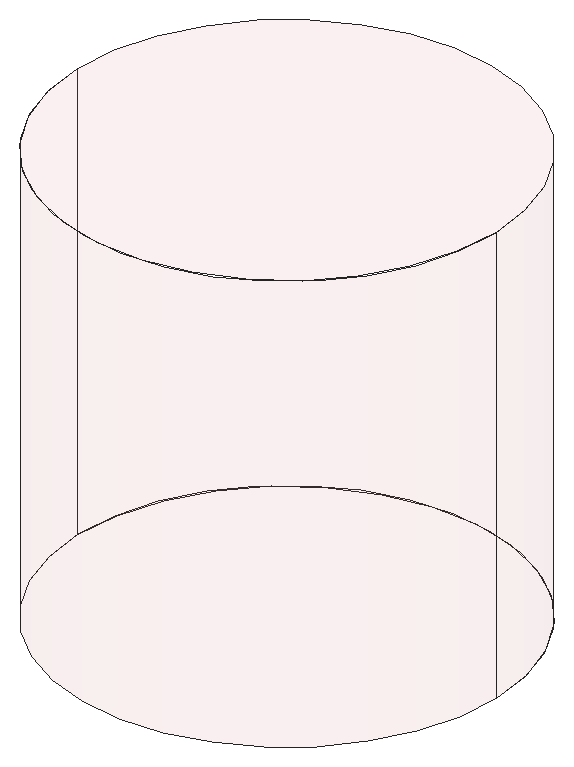
Revit family "М1_ОтверстиеКруглое_Перекрытие", category Обобщенные модели, Revit 2021
Family settings
  Может служить основой для арматурных стержней = Нет
  Размер круглого соединителя = Использовать диаметр
  Тип детали = Нормальный
  На основе рабочей плоскости = Нет
  Всегда вертикально = Да
  При загрузке вырезать с полостями = Да
  Общий = Нет
  Точка принадлежности помещению = Нет
Parameters (values of type "Отверстие_ОВ")
  Отметка по умолчанию = 0 mm
  М1_Отверстие_Выступ [instance] = 50 mm
  void_end [instance] = М1_Отверстие_Выступ  # 50 mm
  void_start [instance] = -ADSK_Размер_Глубина - М1_Отверстие_Выступ  # -450 mm
  ADSK_Размер_Радиус [instance] = ADSK_Размер_Диаметр / 2  # 250 mm
  ADSK_Размер_Диаметр [instance] = 500 mm
  ADSK_Размер_Глубина [instance] = 400 mm
  ADSK_Материал = ADSK_Отверстие_ОВ
Reference planes
  plane 1 "По центру (Вперед/Назад)": y = 0
  plane 2: z = 0
  plane 3 "По центру (Влево/Вправо)": x = 0
  plane 4: z = -400
  plane 5 "По центру Л/Р": x = -250
  plane 6 "По центру Л/С": x = 250
  plane 7 "По центру Л/Т": y = -250
  plane 8 "По центру Л/У": y = 250
  plane 9: z = -450
  plane 10: z = 50
Forms (mm)
  Extrusion 1, solid, material "ADSK_Отверстие_ОВ" <- "ADSK_Материал"
    sketch origin (0, 0, 0) x (1, 0, 0) y (0, 1, 0)
      loop
        circle (0, 0) r 250
    from -450 <- "void_start" to 50 <- "void_end"
  Extrusion 2, void
    sketch origin (0, 0, 0) x (1, 0, 0) y (0, 1, 0)
      loop
        circle (0, 0) r 250
    from -450 <- "void_start" to 50 <- "void_end"
Dimensions and locks
  equal spacing: plane 6 "По центру Л/С", plane 3 "По центру (Влево/Вправо)", plane 5 "По центру Л/Р"
  "ADSK_Размер_Диаметр": plane 6 "По центру Л/С" to plane 5 "По центру Л/Р"
  equal spacing: plane 7 "По центру Л/Т", plane 1 "По центру (Вперед/Назад)", plane 8 "По центру Л/У"
  "ADSK_Размер_Диаметр": plane 7 "По центру Л/Т" to plane 8 "По центру Л/У"
  "М1_Отверстие_Выступ": plane 4 to plane 9
  "М1_Отверстие_Выступ": plane 10 to level
  "ADSK_Размер_Глубина": level to plane 4
  "ADSK_Размер_Диаметр": diameter of Extrusion 1 sketch curve
  "ADSK_Размер_Диаметр": diameter of Extrusion 2 sketch curve
  aligned and locked: level to plane 2
  aligned and locked: plane 3 "По центру (Влево/Вправо)" to Extrusion 1 sketch curve
  aligned and locked: plane 1 "По центру (Вперед/Назад)" to Extrusion 1 sketch curve
  aligned and locked: plane 3 "По центру (Влево/Вправо)" to Extrusion 2 sketch curve
  aligned and locked: plane 1 "По центру (Вперед/Назад)" to Extrusion 2 sketch curve
